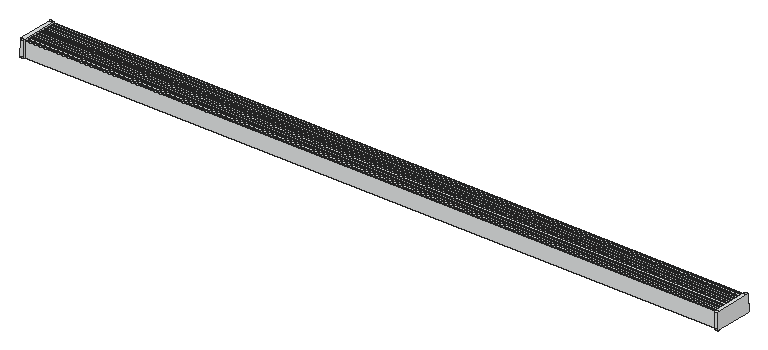
Revit family "Shower-Drain_Cover-KOHLER-Linear-K-80654_1", category Specialty Equipment, host Face, Revit 2017
Family settings
  Host = Face
  Round Connector Dimension = Use Diameter
  Part Type = Normal
  OmniClass Number = 23.31.25.00
  OmniClass Title = Toilet and Bath Specialties
  Cut with Voids When Loaded = No
  Shared = No
  Room Calculation Point = No
Parameters (values of type "SH-Bright Silver")
  Width = 48"  # constant formula
  WaterSense Certified = 1 = 0  # no
  URL = "https://www.us.kohler.com/us/"
  Type = 4
  Product Page URL = "http://www.us.kohler.com/us/catalog/productDetails.jsp?productId=80654"
  Product Name = "LINEAR"  # constant formula
  Product Documentation Link = "https://www.us.kohler.com/webassets/kpna/catalog/pdf/en/K-80654_spec_US-CA_Kohler_en.pdf"
  Model = if(Type = 1, "K-80654-2MB", if(Type = 2, "K-80654-BL", if(Type = 3, "K-80654-BNK", if(Type = 4, "K-80654-SH", "NA"))))  # "K-80654-SH"
  Material = "Aluminum"  # constant formula
  Master Format 2014 Name = "Toilet, Bath, and Laundry Accessories"  # constant formula
  Master Format 2014 = "10 28 00"  # constant formula
  Manufacturer Address = "KOHLER Co. 444 Highland Dr. Kohler, WI 53044"  # constant formula
  Manufacturer = "KOHLER Co."  # constant formula
  Length = 2 9/16"  # constant formula
  Height = 1 1/8"  # constant formula
  Finish = Kohler-Metal-SH-Bright_Silver
  Environmental Product Declaration = ""
  Description = "48 INCH LINEAR MEDIUM LINEAR DRAIN GRID"  # constant formula
  Default Elevation = 0"
  Declare Label = ""
  Date Modified = "04/13/2021"  # constant formula
  Date Created = "04/13/2021"  # constant formula
  Copyright = "Copyright KOHLER Co."  # constant formula
  Contact Us = "https://www.us.kohler.com/us/static/contact.jsp"
  Assembly Code = "C1030200"
  ADA Compliant = 1 = 0  # no
Reference planes (in)
  plane 1 "Center (Front/Back)": y = 0
  plane 2: z = 0
  plane 3 "Center (Left/Right)": x = 0
  plane 4: x = -24
  plane 5: y = 1.28125
  plane 6: y = 1.25
  plane 7: x = 24
  plane 8: y = -1.28125
  plane 9: y = -1.25
  plane 10: z = -1.125
Forms (in)
  Extrusion 1, void
    sketch origin (0, 0, 0) x (1, 0, 0) y (0, 1, 0)
      loop
        line (23.75, 1.25) -> (-23.75, 1.25) -> (-23.75, 1.295) -> (-24, 1.295) -> (-24, -1.295) -> (-23.75, -1.295) -> (-23.75, -1.25) -> (23.75, -1.25) -> (23.75, -1.295) -> (24, -1.295) -> (24, 1.295) -> (23.75, 1.295) -> (23.75, 1.25)
    from 0 to -1.15415
Dimensions and locks (in)
  "Width": plane 4 to plane 7
  "Length": plane 5 to plane 8
  plane 6 to plane 9 = 2 1/2"
  "Height": level to plane 10
  aligned and locked: plane 2 to host face
  aligned and locked: level to host face
Automatic sketch dimensions
  host sketch curve to host sketch curve = 96"  (x2)
  Extrusion 1 sketch curve to plane 4 = 0"
  plane 6 to Extrusion 1 sketch curve = 0"
  Extrusion 1 sketch curve to plane 9 = 0"
  Extrusion 1 sketch curve to plane 7 = 0"
  Extrusion 1 sketch curve to plane 4 = 1/4"  (x2)
  Extrusion 1 sketch curve to plane 7 = 1/4"  (x2)
  Extrusion 1 sketch curve to plane 8 = 0.01375"  (x2)
  Extrusion 1 sketch curve to plane 5 = 0.01375"  (x2)
Nested families (in)
  nested 1: "K-80654" at (0, 0, 0), type "K-80654"
Definition of nested family "K-80654"
  Parameters (values of type "K-80654")
    Material = none
  Reference planes (in)
    plane 1 "Center (Front/Back)": y = 0
    plane 2: z = 0
    plane 3 "Center (Left/Right)": x = 0
    plane 4: y = 1.28125
    plane 5: y = -1.28125
    plane 6: y = 1.25
    plane 7: y = -1.25
    plane 8: z = -1.125
    plane 9: x = -24
    plane 10: x = 24
  Forms (in)
    Extrusion 1, solid, material <- "Material", detail levels medium+fine
      sketch origin (0, 0, 0) x (0, 1, 0) y (0, 0, 1)
        loop
          arc (-1.255, 0) -> (-1.28328, -0.01172) -> (-1.295, -0.04) r 0.04
          line (-1.295, -0.04) -> (-1.295, -1.1)
          arc (-1.295, -1.1) -> (-1.28328, -1.12828) -> (-1.255, -1.14) r 0.04
          line (-1.255, -1.14) -> (1.255, -1.14)
          arc (1.255, -1.14) -> (1.28328, -1.12828) -> (1.295, -1.1) r 0.04
          line (1.295, -1.1) -> (1.295, -0.04)
          arc (1.295, -0.04) -> (1.28328, -0.01172) -> (1.255, 0) r 0.04
          line (1.255, 0) -> (-1.255, 0)
      from -24 to -23.75
    Extrusion 2, solid, material <- "Material", detail levels medium+fine
      sketch origin (0, 0, 0) x (0, 1, 0) y (0, 0, -1)
        loop
          line (-1.255, 0) -> (1.255, 0)
          arc (1.255, 0) -> (1.28328, 0.01172) -> (1.295, 0.04) r 0.04
          line (1.295, 0.04) -> (1.295, 1.1)
          arc (1.295, 1.1) -> (1.28328, 1.12828) -> (1.255, 1.14) r 0.04
          line (1.255, 1.14) -> (-1.255, 1.14)
          arc (-1.255, 1.14) -> (-1.28328, 1.12828) -> (-1.295, 1.1) r 0.04
          line (-1.295, 1.1) -> (-1.295, 0.04)
          arc (-1.295, 0.04) -> (-1.28328, 0.01172) -> (-1.255, 0) r 0.04
      from -24 to -23.75
    Extrusion 3, solid, material <- "Material", detail levels medium+fine
      sketch origin (0, 0, 0) x (0, 1, 0) y (0, 0, 1)
        loop
          line (0.92757, -0.175) -> (0.99243, -0.175) -> (1.01, -0.05) -> (0.91, -0.05) -> (0.92757, -0.175)
        loop
          line (1.15, -0.05) -> (1.15, -1.1) -> (1.25, -1.1) -> (1.25, -0.05) -> (1.15, -0.05)
        loop
          line (-1.15, -1.1) -> (-1.15, -0.05) -> (-1.25, -0.05) -> (-1.25, -1.1) -> (-1.15, -1.1)
        loop
          line (-0.99243, -0.175) -> (-0.92757, -0.175) -> (-0.91, -0.05) -> (-1.01, -0.05) -> (-0.99243, -0.175)
        loop
          line (-0.75243, -0.175) -> (-0.68757, -0.175) -> (-0.67, -0.05) -> (-0.77, -0.05) -> (-0.75243, -0.175)
        loop
          line (-0.51243, -0.175) -> (-0.44757, -0.175) -> (-0.43, -0.05) -> (-0.53, -0.05) -> (-0.51243, -0.175)
        loop
          line (-0.27243, -0.175) -> (-0.20757, -0.175) -> (-0.19, -0.05) -> (-0.29, -0.05) -> (-0.27243, -0.175)
        loop
          line (-0.03243, -0.175) -> (0.03243, -0.175) -> (0.05, -0.05) -> (-0.05, -0.05) -> (-0.03243, -0.175)
        loop
          line (0.20757, -0.175) -> (0.27243, -0.175) -> (0.29, -0.05) -> (0.19, -0.05) -> (0.20757, -0.175)
        loop
          line (0.44757, -0.175) -> (0.51243, -0.175) -> (0.53, -0.05) -> (0.43, -0.05) -> (0.44757, -0.175)
        loop
          line (0.68757, -0.175) -> (0.75243, -0.175) -> (0.77, -0.05) -> (0.67, -0.05) -> (0.68757, -0.175)
      from -23.75 to 23.75
    Extrusion 4, solid, material <- "Material", detail levels coarse
      sketch origin (0, 0, 0) x (1, 0, 0) y (0, 1, 0)
        loop
          line (23.75, 1.25) -> (-23.75, 1.25) -> (-23.75, 1.295) -> (-24, 1.295) -> (-24, -1.295) -> (-23.75, -1.295) -> (-23.75, -1.25) -> (23.75, -1.25) -> (23.75, -1.295) -> (24, -1.295) -> (24, 1.295) -> (23.75, 1.295) -> (23.75, 1.25)
      from -1.125 to 0
  Cuts and joins
    joined: Extrusion 1, Extrusion 2, Extrusion 3
  Lines and regions (in)
    Masking region 1
      outline origin (0, 0, 0) x (1, 0, 0) y (0, 1, 0)
        loop
          line (-23.75, -1.25) -> (23.75, -1.25) -> (23.75, -1.28125) -> (23.97857, -1.28125)
          arc (23.97857, -1.28125) -> (23.99372, -1.27497) -> (24, -1.25982) r 0.02143
          line (24, -1.25982) -> (24, 1.25982)
          arc (24, 1.25982) -> (23.99372, 1.27497) -> (23.97857, 1.28125) r 0.02143
          line (23.97857, 1.28125) -> (23.75, 1.28125) -> (23.75, 1.25) -> (-23.75, 1.25) -> (-23.75, 1.28125) -> (-23.97857, 1.28125)
          arc (-23.97857, 1.28125) -> (-23.99372, 1.27497) -> (-24, 1.25982) r 0.02143
          line (-24, 1.25982) -> (-24, -1.25982)
          arc (-24, -1.25982) -> (-23.99372, -1.27497) -> (-23.97857, -1.28125) r 0.02143
          line (-23.97857, -1.28125) -> (-23.75, -1.28125) -> (-23.75, -1.25)
    Masking region 2
      outline origin (0, 0, 0) x (1, 0, 0) y (0, 0, 1)
        loop
          line (-23.75, -1.09414) -> (23.75, -1.09414) -> (23.75, -1.125) -> (23.97948, -1.125)
          arc (23.97948, -1.125) -> (23.99399, -1.11899) -> (24, -1.10448) r 0.02052
          line (24, -1.10448) -> (24, -0.02052)
          arc (24, -0.02052) -> (23.99399, -0.00601) -> (23.97948, 0) r 0.02052
          line (23.97948, 0) -> (23.75, 0) -> (23.75, -0.05) -> (-23.75, -0.05) -> (-23.75, 0) -> (-23.97948, 0)
          arc (-23.97948, 0) -> (-23.99399, -0.00601) -> (-24, -0.02052) r 0.02052
          line (-24, -0.02052) -> (-24, -1.10448)
          arc (-24, -1.10448) -> (-23.99399, -1.11899) -> (-23.97948, -1.125) r 0.02052
          line (-23.97948, -1.125) -> (-23.75, -1.125) -> (-23.75, -1.09414)
    Masking region 3
      outline origin (0, 0, 0) x (0, 1, 0) y (0, 0, 1)
        loop
          line (1.28125, -1.08984) -> (1.28125, -0.03451)
          arc (1.28125, -0.03451) -> (1.27114, -0.01011) -> (1.24674, 0) r 0.03451
          line (1.24674, 0) -> (-1.24609, 0)
          arc (-1.24609, 0) -> (-1.27095, -0.0103) -> (-1.28125, -0.03516) r 0.03516
          line (-1.28125, -0.03516) -> (-1.28125, -1.08984)
          arc (-1.28125, -1.08984) -> (-1.27095, -1.1147) -> (-1.24609, -1.125) r 0.03516
          line (-1.24609, -1.125) -> (1.24609, -1.125)
          arc (1.24609, -1.125) -> (1.27095, -1.1147) -> (1.28125, -1.08984) r 0.03516
    symbolic lines, detail levels medium+fine
      curve 1: line (0, 1.24674, -0.01172) -> (0, -1.24609, -0.01172)
      curve 2: arc (0, -1.24609, -0.01172) -> (0, -1.26267, -0.01858) -> (0, -1.26953, -0.03516) r 0.02344
      curve 3: line (0, -1.26953, -1.08984) -> (0, -1.26953, -0.03516)
      curve 4: arc (0, -1.24609, -1.11328) -> (0, -1.26267, -1.10642) -> (0, -1.26953, -1.08984) r 0.02344
      curve 5: line (0, 1.24609, -1.11328) -> (0, -1.24609, -1.11328)
      curve 6: arc (0, 1.26953, -1.08984) -> (0, 1.26267, -1.10642) -> (0, 1.24609, -1.11328) r 0.02344
      curve 7: line (0, 1.26953, -1.08984) -> (0, 1.26953, -0.03451)
      curve 8: arc (0, 1.26953, -0.03451) -> (0, 1.26286, -0.01839) -> (0, 1.24674, -0.01172) r 0.02279
      curve 9: line (23.75, 0, -0.04) -> (23.75, 0, -1.09414)
      curve 10: line (23.97948, 0, 0) -> (23.97948, 0, -1.125)
      curve 11: line (-23.75, 0, -0.04) -> (-23.75, 0, -1.09414)
      curve 12: line (-23.97948, 0, 0) -> (-23.97948, 0, -1.125)
      curve 13: line (-23.75, 1.15, 0) -> (-23.75, -1.15, 0)
      curve 14: line (-23.75, 1.15, 0) -> (23.68588, 1.15, 0)
      curve 15: line (-23.75, 1.01, 0) -> (23.75, 1.01, 0)
      curve 16: line (23.75, 0.91, 0) -> (-23.75, 0.91, 0)
      curve 17: line (-23.75, 0.77, 0) -> (23.75, 0.77, 0)
      curve 18: line (-23.75, 0.67, 0) -> (23.75, 0.67, 0)
      curve 19: line (-23.75, 0.53, 0) -> (23.75, 0.53, 0)
      curve 20: line (-23.75, 0.43, 0) -> (23.75, 0.43, 0)
      curve 21: line (-23.75, 0.29, 0) -> (23.75, 0.29, 0)
      curve 22: line (-23.75, 0.19, 0) -> (23.75, 0.19, 0)
      curve 23: line (-23.75, 0.05, 0) -> (23.75, 0.05, 0)
      curve 24: line (-23.75, -0.05, 0) -> (23.75, -0.05, 0)
      curve 25: line (-23.75, -0.19, 0) -> (23.75, -0.19, 0)
      curve 26: line (-23.75, -0.29, 0) -> (23.75, -0.29, 0)
      curve 27: line (-23.75, -0.43, 0) -> (23.75, -0.43, 0)
      curve 28: line (-23.75, -0.53, 0) -> (23.75, -0.53, 0)
      curve 29: line (-23.75, -0.67, 0) -> (23.75, -0.67, 0)
      curve 30: line (-23.75, -0.77, 0) -> (23.75, -0.77, 0)
      curve 31: line (-23.75, -0.91, 0) -> (23.75, -0.91, 0)
      curve 32: line (-23.75, -1.01, 0) -> (23.75, -1.01, 0)
      curve 33: line (23.75, -1.15, 0) -> (-23.75, -1.15, 0)
      curve 34: line (23.75, 1.25, 0) -> (23.75, -1.25, 0)
      curve 35: line (-23.1222, 0.05, 0) -> (-23.1222, 0.19, 0)
      curve 36: arc (-23.1222, 0.83109, 0) -> (-23.13394, 0.87565, 0) -> (-23.16465, 0.91, 0) r 0.09854
      curve 37: arc (-23.22956, 1.01, 0) -> (-23.23249, 1.02893, 0) -> (-23.23324, 1.04807, 0) r 0.16707
      curve 38: line (-23.68588, 1.15, 0) -> (-23.33331, 1.15, 0)
      curve 39: arc (-23.75, 1.12647, 0) -> (-23.72003, 1.14393, 0) -> (-23.68588, 1.15, 0) r 0.09912
      curve 40: arc (-23.33331, 1.15, 0) -> (-23.26189, 1.12003, 0) -> (-23.23324, 1.04807, 0) r 0.10009
      curve 41: arc (-22.97885, 1.01, 0) -> (-23.0662, 1.13911, 0) -> (-23.15355, 1.01, 0) r 0.09411
      curve 42: line (-23.0102, 0.05, 0) -> (-23.0102, 0.19, 0)
      curve 43: arc (-23.0102, 0.83109, 0) -> (-22.99846, 0.87565, 0) -> (-22.96775, 0.91, 0) r 0.09854
      curve 44: arc (-22.90284, 1.01, 0) -> (-22.89991, 1.02893, 0) -> (-22.89916, 1.04807, 0) r 0.16707
      curve 45: line (-22.44652, 1.15, 0) -> (-22.79909, 1.15, 0)
      curve 46: line (-22.3474, 1.05088, 0) -> (-22.3474, 1.01, 0)
      curve 47: arc (-22.3474, 1.05088, 0) -> (-22.37643, 1.12097, 0) -> (-22.44652, 1.15, 0) r 0.09912
      curve 48: arc (-22.79909, 1.15, 0) -> (-22.87051, 1.12003, 0) -> (-22.89916, 1.04807, 0) r 0.10009
      curve 49: line (-22.3474, 0.91, 0) -> (-22.96775, 0.91, 0)
      curve 50: line (-23.75, 0.05, 0) -> (-23.75, 0.19, 0)
      curve 51: line (-23.75, 1.01, 0) -> (-23.22956, 1.01, 0)
      curve 52: line (-22.90284, 1.01, 0) -> (-22.3474, 1.01, 0)
      curve 53: line (-23.15355, 1.01, 0) -> (-22.97885, 1.01, 0)
      curve 54: line (-23.75, 1.01, 0) -> (-23.75, 1.25, 0)
      curve 55: line (-22.3474, 0.91, 0) -> (-22.3474, 0.77, 0)
      curve 56: line (-23.75, 0.77, 0) -> (-23.1222, 0.77, 0)
      curve 57: line (-23.16465, 0.91, 0) -> (-23.75, 0.91, 0)
      curve 58: line (-22.3474, 0.67, 0) -> (-22.3474, 0.53, 0)
      curve 59: line (-23.0102, 0.77, 0) -> (-22.3474, 0.77, 0)
      curve 60: line (-23.1222, 0.77, 0) -> (-23.1222, 0.83109, 0)
      curve 61: line (-23.0102, 0.77, 0) -> (-23.0102, 0.83109, 0)
      curve 62: line (-23.75, 0.77, 0) -> (-23.75, 0.91, 0)
      curve 63: line (-23.75, 0.67, 0) -> (-23.1222, 0.67, 0)
      curve 64: line (-23.75, 0.53, 0) -> (-23.1222, 0.53, 0)
      curve 65: line (-23.0102, 0.67, 0) -> (-22.3474, 0.67, 0)
      curve 66: line (-23.0102, 0.53, 0) -> (-22.3474, 0.53, 0)
      curve 67: line (-23.75, 0.53, 0) -> (-23.75, 0.67, 0)
      curve 68: line (-22.3474, 0.43, 0) -> (-22.3474, 0.29, 0)
      curve 69: line (-23.0102, 0.53, 0) -> (-23.0102, 0.67, 0)
      curve 70: line (-23.1222, 0.53, 0) -> (-23.1222, 0.67, 0)
      curve 71: line (-23.75, 0.43, 0) -> (-23.1222, 0.43, 0)
      curve 72: line (-23.75, 0.29, 0) -> (-23.1222, 0.29, 0)
      curve 73: line (-23.75, 0.29, 0) -> (-23.75, 0.43, 0)
      curve 74: line (-23.1222, 0.29, 0) -> (-23.1222, 0.43, 0)
      curve 75: line (-23.0102, 0.29, 0) -> (-23.0102, 0.43, 0)
      curve 76: line (-22.3474, 0.19, 0) -> (-22.3474, 0.05, 0)
      curve 77: line (-23.0102, 0.29, 0) -> (-22.3474, 0.29, 0)
      curve 78: line (-23.0102, 0.43, 0) -> (-22.3474, 0.43, 0)
      curve 79: line (-23.75, 0.19, 0) -> (-23.1222, 0.19, 0)
      curve 80: line (-23.75, 0.05, 0) -> (-23.1222, 0.05, 0)
      curve 81: line (-23.0102, 0.19, 0) -> (-22.3474, 0.19, 0)
      curve 82: line (-23.0102, 0.05, 0) -> (-22.3474, 0.05, 0)
      curve 83: line (-23.1222, -0.05, 0) -> (-23.1222, -0.19, 0)
      curve 84: arc (-23.1222, -0.83109, 0) -> (-23.13394, -0.87565, 0) -> (-23.16465, -0.91, 0) r 0.09854
      curve 85: arc (-23.22956, -1.01, 0) -> (-23.23249, -1.02893, 0) -> (-23.23324, -1.04807, 0) r 0.16707
      curve 86: line (-23.68588, -1.15, 0) -> (-23.33331, -1.15, 0)
      curve 87: arc (-23.75, -1.12647, 0) -> (-23.72003, -1.14393, 0) -> (-23.68588, -1.15, 0) r 0.09912
      curve 88: arc (-23.33331, -1.15, 0) -> (-23.26189, -1.12003, 0) -> (-23.23324, -1.04807, 0) r 0.10009
      curve 89: arc (-22.97885, -1.01, 0) -> (-23.0662, -1.13911, 0) -> (-23.15355, -1.01, 0) r 0.09411
      curve 90: line (-23.0102, -0.05, 0) -> (-23.0102, -0.19, 0)
      curve 91: arc (-23.0102, -0.83109, 0) -> (-22.99846, -0.87565, 0) -> (-22.96775, -0.91, 0) r 0.09854
      curve 92: arc (-22.90284, -1.01, 0) -> (-22.89991, -1.02893, 0) -> (-22.89916, -1.04807, 0) r 0.16707
      curve 93: line (-22.44652, -1.15, 0) -> (-22.79909, -1.15, 0)
      curve 94: line (-22.3474, -1.05088, 0) -> (-22.3474, -1.01, 0)
      curve 95: arc (-22.3474, -1.05088, 0) -> (-22.37643, -1.12097, 0) -> (-22.44652, -1.15, 0) r 0.09912
      curve 96: arc (-22.79909, -1.15, 0) -> (-22.87051, -1.12003, 0) -> (-22.89916, -1.04807, 0) r 0.10009
      curve 97: line (-22.3474, -0.91, 0) -> (-22.96775, -0.91, 0)
      curve 98: line (-23.75, -0.05, 0) -> (-23.75, -0.19, 0)
      curve 99: line (-23.75, -1.01, 0) -> (-23.22956, -1.01, 0)
      curve 100: line (-22.90284, -1.01, 0) -> (-22.3474, -1.01, 0)
      curve 101: line (-23.15355, -1.01, 0) -> (-22.97885, -1.01, 0)
      curve 102: line (-23.75, -1.01, 0) -> (-23.75, -1.25, 0)
      curve 103: line (-22.3474, -0.91, 0) -> (-22.3474, -0.77, 0)
      curve 104: line (-23.75, -0.77, 0) -> (-23.1222, -0.77, 0)
      curve 105: line (-23.16465, -0.91, 0) -> (-23.75, -0.91, 0)
      curve 106: line (-22.3474, -0.67, 0) -> (-22.3474, -0.53, 0)
      curve 107: line (-23.0102, -0.77, 0) -> (-22.3474, -0.77, 0)
      curve 108: line (-23.1222, -0.77, 0) -> (-23.1222, -0.83109, 0)
      curve 109: line (-23.0102, -0.77, 0) -> (-23.0102, -0.83109, 0)
      curve 110: line (-23.75, -0.77, 0) -> (-23.75, -0.91, 0)
      curve 111: line (-23.75, -0.67, 0) -> (-23.1222, -0.67, 0)
      curve 112: line (-23.75, -0.53, 0) -> (-23.1222, -0.53, 0)
      curve 113: line (-23.0102, -0.67, 0) -> (-22.3474, -0.67, 0)
      curve 114: line (-23.0102, -0.53, 0) -> (-22.3474, -0.53, 0)
      curve 115: line (-23.75, -0.53, 0) -> (-23.75, -0.67, 0)
      curve 116: line (-22.3474, -0.43, 0) -> (-22.3474, -0.29, 0)
      curve 117: line (-23.0102, -0.53, 0) -> (-23.0102, -0.67, 0)
      curve 118: line (-23.1222, -0.53, 0) -> (-23.1222, -0.67, 0)
      curve 119: line (-23.75, -0.43, 0) -> (-23.1222, -0.43, 0)
      curve 120: line (-23.75, -0.29, 0) -> (-23.1222, -0.29, 0)
      curve 121: line (-23.75, -0.29, 0) -> (-23.75, -0.43, 0)
      curve 122: line (-23.1222, -0.29, 0) -> (-23.1222, -0.43, 0)
      curve 123: line (-23.0102, -0.29, 0) -> (-23.0102, -0.43, 0)
      curve 124: line (-22.3474, -0.19, 0) -> (-22.3474, -0.05, 0)
      curve 125: line (-23.0102, -0.29, 0) -> (-22.3474, -0.29, 0)
      curve 126: line (-23.0102, -0.43, 0) -> (-22.3474, -0.43, 0)
      curve 127: line (-23.75, -0.19, 0) -> (-23.1222, -0.19, 0)
      curve 128: line (-23.75, -0.05, 0) -> (-23.1222, -0.05, 0)
      curve 129: line (-23.0102, -0.19, 0) -> (-22.3474, -0.19, 0)
      curve 130: line (-23.0102, -0.05, 0) -> (-22.3474, -0.05, 0)
      curve 131: line (-21.56941, 0.05, 0) -> (-21.56941, 0.19, 0)
      curve 132: arc (-21.56941, 0.83109, 0) -> (-21.58115, 0.87565, 0) -> (-21.61186, 0.91, 0) r 0.09854
      curve 133: arc (-21.67677, 1.01, 0) -> (-21.6797, 1.02893, 0) -> (-21.68045, 1.04807, 0) r 0.16707
      curve 134: line (-22.13309, 1.15, 0) -> (-21.78052, 1.15, 0)
      curve 135: arc (-22.23221, 1.05088, 0) -> (-22.20318, 1.12097, 0) -> (-22.13309, 1.15, 0) r 0.09912
      curve 136: arc (-21.78052, 1.15, 0) -> (-21.7091, 1.12003, 0) -> (-21.68045, 1.04807, 0) r 0.10009
      curve 137: arc (-21.42606, 1.01, 0) -> (-21.51341, 1.13911, 0) -> (-21.60077, 1.01, 0) r 0.09411
      curve 138: line (-21.45741, 0.05, 0) -> (-21.45741, 0.19, 0)
      curve 139: arc (-21.45741, 0.83109, 0) -> (-21.44568, 0.87565, 0) -> (-21.41496, 0.91, 0) r 0.09854
      curve 140: arc (-21.35006, 1.01, 0) -> (-21.34712, 1.02893, 0) -> (-21.34638, 1.04807, 0) r 0.16707
      curve 141: line (-20.92498, 1.15, 0) -> (-21.2463, 1.15, 0)
      curve 142: line (-20.82586, 1.05088, 0) -> (-20.82586, 1.01, 0)
      curve 143: arc (-20.82586, 1.05088, 0) -> (-20.85489, 1.12097, 0) -> (-20.92498, 1.15, 0) r 0.09912
      curve 144: arc (-21.2463, 1.15, 0) -> (-21.31773, 1.12003, 0) -> (-21.34638, 1.04807, 0) r 0.10009
      curve 145: line (-20.82586, 0.91, 0) -> (-21.41496, 0.91, 0)
      curve 146: line (-22.2336, 0.05, 0) -> (-22.2336, 0.19, 0)
      curve 147: line (-22.2336, 1.01, 0) -> (-21.67677, 1.01, 0)
      curve 148: line (-21.35006, 1.01, 0) -> (-20.82586, 1.01, 0)
      curve 149: line (-21.60077, 1.01, 0) -> (-21.42606, 1.01, 0)
      curve 150: line (-22.2336, 1.01, 0) -> (-22.2336, 1.05088, 0)
      curve 151: line (-20.82586, 0.91, 0) -> (-20.82586, 0.77, 0)
      curve 152: line (-22.2336, 0.77, 0) -> (-21.56941, 0.77, 0)
      curve 153: line (-21.61186, 0.91, 0) -> (-22.2336, 0.91, 0)
      curve 154: line (-20.82586, 0.67, 0) -> (-20.82586, 0.53, 0)
      curve 155: line (-21.45741, 0.77, 0) -> (-20.82586, 0.77, 0)
      curve 156: line (-21.56941, 0.77, 0) -> (-21.56941, 0.83109, 0)
      curve 157: line (-21.45741, 0.77, 0) -> (-21.45741, 0.83109, 0)
      curve 158: line (-22.2336, 0.77, 0) -> (-22.2336, 0.91, 0)
      curve 159: line (-22.2336, 0.67, 0) -> (-21.56941, 0.67, 0)
      curve 160: line (-22.2336, 0.53, 0) -> (-21.56941, 0.53, 0)
      curve 161: line (-21.45741, 0.67, 0) -> (-20.82586, 0.67, 0)
      curve 162: line (-21.45741, 0.53, 0) -> (-20.82586, 0.53, 0)
      curve 163: line (-22.2336, 0.53, 0) -> (-22.2336, 0.67, 0)
      curve 164: line (-20.82586, 0.43, 0) -> (-20.82586, 0.29, 0)
      curve 165: line (-21.45741, 0.53, 0) -> (-21.45741, 0.67, 0)
      curve 166: line (-21.56941, 0.53, 0) -> (-21.56941, 0.67, 0)
      curve 167: line (-22.2336, 0.43, 0) -> (-21.56941, 0.43, 0)
      curve 168: line (-22.2336, 0.29, 0) -> (-21.56941, 0.29, 0)
      curve 169: line (-22.2336, 0.29, 0) -> (-22.2336, 0.43, 0)
      curve 170: line (-21.56941, 0.29, 0) -> (-21.56941, 0.43, 0)
      curve 171: line (-21.45741, 0.29, 0) -> (-21.45741, 0.43, 0)
      curve 172: line (-20.82586, 0.19, 0) -> (-20.82586, 0.05, 0)
      curve 173: line (-21.45741, 0.29, 0) -> (-20.82586, 0.29, 0)
      curve 174: line (-21.45741, 0.43, 0) -> (-20.82586, 0.43, 0)
      curve 175: line (-22.2336, 0.19, 0) -> (-21.56941, 0.19, 0)
      curve 176: line (-22.2336, 0.05, 0) -> (-21.56941, 0.05, 0)
      curve 177: line (-21.45741, 0.19, 0) -> (-20.82586, 0.19, 0)
      curve 178: line (-21.45741, 0.05, 0) -> (-20.82586, 0.05, 0)
      curve 179: line (-21.56941, -0.05, 0) -> (-21.56941, -0.19, 0)
      curve 180: arc (-21.56941, -0.83109, 0) -> (-21.58115, -0.87565, 0) -> (-21.61186, -0.91, 0) r 0.09854
      curve 181: arc (-21.67677, -1.01, 0) -> (-21.6797, -1.02893, 0) -> (-21.68045, -1.04807, 0) r 0.16707
      curve 182: line (-22.13309, -1.15, 0) -> (-21.78052, -1.15, 0)
      curve 183: arc (-22.23221, -1.05088, 0) -> (-22.20318, -1.12097, 0) -> (-22.13309, -1.15, 0) r 0.09912
      curve 184: arc (-21.78052, -1.15, 0) -> (-21.7091, -1.12003, 0) -> (-21.68045, -1.04807, 0) r 0.10009
      curve 185: arc (-21.42606, -1.01, 0) -> (-21.51341, -1.13911, 0) -> (-21.60077, -1.01, 0) r 0.09411
      curve 186: line (-21.45741, -0.05, 0) -> (-21.45741, -0.19, 0)
      curve 187: arc (-21.45741, -0.83109, 0) -> (-21.44568, -0.87565, 0) -> (-21.41496, -0.91, 0) r 0.09854
      curve 188: arc (-21.35006, -1.01, 0) -> (-21.34712, -1.02893, 0) -> (-21.34638, -1.04807, 0) r 0.16707
      curve 189: line (-20.92498, -1.15, 0) -> (-21.2463, -1.15, 0)
      curve 190: line (-20.82586, -1.05088, 0) -> (-20.82586, -1.01, 0)
      curve 191: arc (-20.82586, -1.05088, 0) -> (-20.85489, -1.12097, 0) -> (-20.92498, -1.15, 0) r 0.09912
      curve 192: arc (-21.2463, -1.15, 0) -> (-21.31773, -1.12003, 0) -> (-21.34638, -1.04807, 0) r 0.10009
      curve 193: line (-20.82586, -0.91, 0) -> (-21.41496, -0.91, 0)
      curve 194: line (-22.2336, -0.05, 0) -> (-22.2336, -0.19, 0)
      curve 195: line (-22.2336, -1.01, 0) -> (-21.67677, -1.01, 0)
      curve 196: line (-21.35006, -1.01, 0) -> (-20.82586, -1.01, 0)
      curve 197: line (-21.60077, -1.01, 0) -> (-21.42606, -1.01, 0)
      curve 198: line (-22.2336, -1.01, 0) -> (-22.2336, -1.05088, 0)
      curve 199: line (-20.82586, -0.91, 0) -> (-20.82586, -0.77, 0)
      curve 200: line (-22.2336, -0.77, 0) -> (-21.56941, -0.77, 0)
      curve 201: line (-21.61186, -0.91, 0) -> (-22.2336, -0.91, 0)
      curve 202: line (-20.82586, -0.67, 0) -> (-20.82586, -0.53, 0)
      curve 203: line (-21.45741, -0.77, 0) -> (-20.82586, -0.77, 0)
      curve 204: line (-21.56941, -0.77, 0) -> (-21.56941, -0.83109, 0)
      curve 205: line (-21.45741, -0.77, 0) -> (-21.45741, -0.83109, 0)
      curve 206: line (-22.2336, -0.77, 0) -> (-22.2336, -0.91, 0)
      curve 207: line (-22.2336, -0.67, 0) -> (-21.56941, -0.67, 0)
      curve 208: line (-22.2336, -0.53, 0) -> (-21.56941, -0.53, 0)
      curve 209: line (-21.45741, -0.67, 0) -> (-20.82586, -0.67, 0)
      curve 210: line (-21.45741, -0.53, 0) -> (-20.82586, -0.53, 0)
      curve 211: line (-22.2336, -0.53, 0) -> (-22.2336, -0.67, 0)
      curve 212: line (-20.82586, -0.43, 0) -> (-20.82586, -0.29, 0)
      curve 213: line (-21.45741, -0.53, 0) -> (-21.45741, -0.67, 0)
      curve 214: line (-21.56941, -0.53, 0) -> (-21.56941, -0.67, 0)
      curve 215: line (-22.2336, -0.43, 0) -> (-21.56941, -0.43, 0)
      curve 216: line (-22.2336, -0.29, 0) -> (-21.56941, -0.29, 0)
      curve 217: line (-22.2336, -0.29, 0) -> (-22.2336, -0.43, 0)
      curve 218: line (-21.56941, -0.29, 0) -> (-21.56941, -0.43, 0)
      curve 219: line (-21.45741, -0.29, 0) -> (-21.45741, -0.43, 0)
      curve 220: line (-20.82586, -0.19, 0) -> (-20.82586, -0.05, 0)
      curve 221: line (-21.45741, -0.29, 0) -> (-20.82586, -0.29, 0)
      curve 222: line (-21.45741, -0.43, 0) -> (-20.82586, -0.43, 0)
      curve 223: line (-22.2336, -0.19, 0) -> (-21.56941, -0.19, 0)
      curve 224: line (-22.2336, -0.05, 0) -> (-21.56941, -0.05, 0)
      curve 225: line (-21.45741, -0.19, 0) -> (-20.82586, -0.19, 0)
      curve 226: line (-21.45741, -0.05, 0) -> (-20.82586, -0.05, 0)
      curve 227: line (-20.70741, 0.05, 0) -> (-20.70741, 0.19, 0)
      curve 228: line (-20.15155, 1.15, 0) -> (-20.61065, 1.15, 0)
      curve 229: line (-20.05243, 1.05088, 0) -> (-20.05243, 1.01, 0)
      curve 230: arc (-20.05243, 1.05088, 0) -> (-20.08146, 1.12097, 0) -> (-20.15155, 1.15, 0) r 0.09912
      curve 231: line (-20.05243, 0.91, 0) -> (-20.70741, 0.91, 0)
      curve 232: line (-20.70741, 1.01, 0) -> (-20.05243, 1.01, 0)
      curve 233: line (-20.05243, 0.91, 0) -> (-20.05243, 0.77, 0)
      curve 234: line (-20.05243, 0.67, 0) -> (-20.05243, 0.53, 0)
      curve 235: line (-20.70741, 0.77, 0) -> (-20.05243, 0.77, 0)
      curve 236: line (-20.70741, 0.77, 0) -> (-20.70741, 0.91, 0)
      curve 237: line (-20.70741, 0.67, 0) -> (-20.05243, 0.67, 0)
      curve 238: line (-20.70741, 0.53, 0) -> (-20.05243, 0.53, 0)
      curve 239: line (-20.05243, 0.43, 0) -> (-20.05243, 0.29, 0)
      curve 240: line (-20.70741, 0.53, 0) -> (-20.70741, 0.67, 0)
      curve 241: line (-20.70741, 0.29, 0) -> (-20.70741, 0.43, 0)
      curve 242: line (-20.05243, 0.19, 0) -> (-20.05243, 0.05, 0)
      curve 243: line (-20.70741, 0.29, 0) -> (-20.05243, 0.29, 0)
      curve 244: line (-20.70741, 0.43, 0) -> (-20.05243, 0.43, 0)
      curve 245: line (-20.70741, 0.19, 0) -> (-20.05243, 0.19, 0)
      curve 246: line (-20.70741, 0.05, 0) -> (-20.05243, 0.05, 0)
      curve 247: line (-20.70741, -0.05, 0) -> (-20.70741, -0.19, 0)
      curve 248: line (-20.15155, -1.15, 0) -> (-20.60914, -1.15, 0)
      curve 249: line (-20.05243, -1.05088, 0) -> (-20.05243, -1.01, 0)
      curve 250: arc (-20.05243, -1.05088, 0) -> (-20.08146, -1.12097, 0) -> (-20.15155, -1.15, 0) r 0.09912
      curve 251: line (-20.05243, -0.91, 0) -> (-20.70741, -0.91, 0)
      curve 252: line (-20.70741, -1.01, 0) -> (-20.05243, -1.01, 0)
      curve 253: line (-20.05243, -0.91, 0) -> (-20.05243, -0.77, 0)
      curve 254: line (-20.05243, -0.67, 0) -> (-20.05243, -0.53, 0)
      curve 255: line (-20.70741, -0.77, 0) -> (-20.05243, -0.77, 0)
      curve 256: line (-20.70741, -0.77, 0) -> (-20.70741, -0.91, 0)
      curve 257: line (-20.70741, -0.67, 0) -> (-20.05243, -0.67, 0)
      curve 258: line (-20.70741, -0.53, 0) -> (-20.05243, -0.53, 0)
      curve 259: line (-20.05243, -0.43, 0) -> (-20.05243, -0.29, 0)
      curve 260: line (-20.70741, -0.53, 0) -> (-20.70741, -0.67, 0)
      curve 261: line (-20.70741, -0.29, 0) -> (-20.70741, -0.43, 0)
      curve 262: line (-20.05243, -0.19, 0) -> (-20.05243, -0.05, 0)
      curve 263: line (-20.70741, -0.29, 0) -> (-20.05243, -0.29, 0)
      curve 264: line (-20.70741, -0.43, 0) -> (-20.05243, -0.43, 0)
      curve 265: line (-20.70741, -0.19, 0) -> (-20.05243, -0.19, 0)
      curve 266: line (-20.70741, -0.05, 0) -> (-20.05243, -0.05, 0)
      curve 267: line (-20.70741, -1.01, 0) -> (-20.70741, -1.05173, 0)
      curve 268: arc (-20.70741, -1.05173, 0) -> (-20.67863, -1.12122, 0) -> (-20.60914, -1.15, 0) r 0.09827
      curve 269: line (-20.70741, 1.01, 0) -> (-20.70741, 1.05324, 0)
      curve 270: arc (-20.70741, 1.05324, 0) -> (-20.67907, 1.12166, 0) -> (-20.61065, 1.15, 0) r 0.09676
      curve 271: line (-19.27438, 0.05, 0) -> (-19.27438, 0.19, 0)
      curve 272: arc (-19.27438, 0.83109, 0) -> (-19.28612, 0.87565, 0) -> (-19.31683, 0.91, 0) r 0.09854
      curve 273: arc (-19.38174, 1.01, 0) -> (-19.38467, 1.02893, 0) -> (-19.38542, 1.04807, 0) r 0.16707
      curve 274: line (-19.83806, 1.15, 0) -> (-19.48549, 1.15, 0)
      curve 275: arc (-19.93718, 1.05088, 0) -> (-19.90815, 1.12097, 0) -> (-19.83806, 1.15, 0) r 0.09912
      curve 276: arc (-19.48549, 1.15, 0) -> (-19.41407, 1.12003, 0) -> (-19.38542, 1.04807, 0) r 0.10009
      curve 277: arc (-19.13103, 1.01, 0) -> (-19.21838, 1.13911, 0) -> (-19.30574, 1.01, 0) r 0.09411
      curve 278: line (-19.16238, 0.05, 0) -> (-19.16238, 0.19, 0)
      curve 279: arc (-19.16238, 0.83109, 0) -> (-19.15065, 0.87565, 0) -> (-19.11994, 0.91, 0) r 0.09854
      curve 280: arc (-19.05503, 1.01, 0) -> (-19.05209, 1.02893, 0) -> (-19.05135, 1.04807, 0) r 0.16707
      curve 281: line (-18.62995, 1.15, 0) -> (-18.95127, 1.15, 0)
      curve 282: line (-18.53083, 1.05088, 0) -> (-18.53083, 1.01, 0)
      curve 283: arc (-18.53083, 1.05088, 0) -> (-18.55987, 1.12097, 0) -> (-18.62995, 1.15, 0) r 0.09912
      curve 284: arc (-18.95127, 1.15, 0) -> (-19.0227, 1.12003, 0) -> (-19.05135, 1.04807, 0) r 0.10009
      curve 285: line (-18.53083, 0.91, 0) -> (-19.11994, 0.91, 0)
      curve 286: line (-19.93857, 0.05, 0) -> (-19.93857, 0.19, 0)
      curve 287: line (-19.93857, 1.01, 0) -> (-19.38174, 1.01, 0)
      curve 288: line (-19.05503, 1.01, 0) -> (-18.53083, 1.01, 0)
      curve 289: line (-19.30574, 1.01, 0) -> (-19.13103, 1.01, 0)
      curve 290: line (-19.93857, 1.01, 0) -> (-19.93857, 1.05088, 0)
      curve 291: line (-18.53083, 0.91, 0) -> (-18.53083, 0.77, 0)
      curve 292: line (-19.93857, 0.77, 0) -> (-19.27438, 0.77, 0)
      curve 293: line (-19.31683, 0.91, 0) -> (-19.93857, 0.91, 0)
      curve 294: line (-18.53083, 0.67, 0) -> (-18.53083, 0.53, 0)
      curve 295: line (-19.16238, 0.77, 0) -> (-18.53083, 0.77, 0)
      curve 296: line (-19.27438, 0.77, 0) -> (-19.27438, 0.83109, 0)
      curve 297: line (-19.16238, 0.77, 0) -> (-19.16238, 0.83109, 0)
      curve 298: line (-19.93857, 0.77, 0) -> (-19.93857, 0.91, 0)
      curve 299: line (-19.93857, 0.67, 0) -> (-19.27438, 0.67, 0)
      curve 300: line (-19.93857, 0.53, 0) -> (-19.27438, 0.53, 0)
      curve 301: line (-19.16238, 0.67, 0) -> (-18.53083, 0.67, 0)
      curve 302: line (-19.16238, 0.53, 0) -> (-18.53083, 0.53, 0)
      curve 303: line (-19.93857, 0.53, 0) -> (-19.93857, 0.67, 0)
      curve 304: line (-18.53083, 0.43, 0) -> (-18.53083, 0.29, 0)
      curve 305: line (-19.16238, 0.53, 0) -> (-19.16238, 0.67, 0)
      curve 306: line (-19.27438, 0.53, 0) -> (-19.27438, 0.67, 0)
      curve 307: line (-19.93857, 0.43, 0) -> (-19.27438, 0.43, 0)
      curve 308: line (-19.93857, 0.29, 0) -> (-19.27438, 0.29, 0)
      curve 309: line (-19.93857, 0.29, 0) -> (-19.93857, 0.43, 0)
      curve 310: line (-19.27438, 0.29, 0) -> (-19.27438, 0.43, 0)
      curve 311: line (-19.16238, 0.29, 0) -> (-19.16238, 0.43, 0)
      curve 312: line (-18.53083, 0.19, 0) -> (-18.53083, 0.05, 0)
      curve 313: line (-19.16238, 0.29, 0) -> (-18.53083, 0.29, 0)
      curve 314: line (-19.16238, 0.43, 0) -> (-18.53083, 0.43, 0)
      curve 315: line (-19.93857, 0.19, 0) -> (-19.27438, 0.19, 0)
      curve 316: line (-19.93857, 0.05, 0) -> (-19.27438, 0.05, 0)
      curve 317: line (-19.16238, 0.19, 0) -> (-18.53083, 0.19, 0)
      curve 318: line (-19.16238, 0.05, 0) -> (-18.53083, 0.05, 0)
      curve 319: line (-19.27438, -0.05, 0) -> (-19.27438, -0.19, 0)
      curve 320: arc (-19.27438, -0.83109, 0) -> (-19.28612, -0.87565, 0) -> (-19.31683, -0.91, 0) r 0.09854
      curve 321: arc (-19.38174, -1.01, 0) -> (-19.38467, -1.02893, 0) -> (-19.38542, -1.04807, 0) r 0.16707
      curve 322: line (-19.83806, -1.15, 0) -> (-19.48549, -1.15, 0)
      curve 323: arc (-19.93718, -1.05088, 0) -> (-19.90815, -1.12097, 0) -> (-19.83806, -1.15, 0) r 0.09912
      curve 324: arc (-19.48549, -1.15, 0) -> (-19.41407, -1.12003, 0) -> (-19.38542, -1.04807, 0) r 0.10009
      curve 325: arc (-19.13103, -1.01, 0) -> (-19.21838, -1.13911, 0) -> (-19.30574, -1.01, 0) r 0.09411
      curve 326: line (-19.16238, -0.05, 0) -> (-19.16238, -0.19, 0)
      curve 327: arc (-19.16238, -0.83109, 0) -> (-19.15065, -0.87565, 0) -> (-19.11994, -0.91, 0) r 0.09854
      curve 328: arc (-19.05503, -1.01, 0) -> (-19.05209, -1.02893, 0) -> (-19.05135, -1.04807, 0) r 0.16707
      curve 329: line (-18.62995, -1.15, 0) -> (-18.95127, -1.15, 0)
      curve 330: line (-18.53083, -1.05088, 0) -> (-18.53083, -1.01, 0)
      curve 331: arc (-18.53083, -1.05088, 0) -> (-18.55987, -1.12097, 0) -> (-18.62995, -1.15, 0) r 0.09912
      curve 332: arc (-18.95127, -1.15, 0) -> (-19.0227, -1.12003, 0) -> (-19.05135, -1.04807, 0) r 0.10009
      curve 333: line (-18.53083, -0.91, 0) -> (-19.11994, -0.91, 0)
      curve 334: line (-19.93857, -0.05, 0) -> (-19.93857, -0.19, 0)
      curve 335: line (-19.93857, -1.01, 0) -> (-19.38174, -1.01, 0)
      curve 336: line (-19.05503, -1.01, 0) -> (-18.53083, -1.01, 0)
      curve 337: line (-19.30574, -1.01, 0) -> (-19.13103, -1.01, 0)
      curve 338: line (-19.93857, -1.01, 0) -> (-19.93857, -1.05088, 0)
      curve 339: line (-18.53083, -0.91, 0) -> (-18.53083, -0.77, 0)
      curve 340: line (-19.93857, -0.77, 0) -> (-19.27438, -0.77, 0)
      curve 341: line (-19.31683, -0.91, 0) -> (-19.93857, -0.91, 0)
      curve 342: line (-18.53083, -0.67, 0) -> (-18.53083, -0.53, 0)
      curve 343: line (-19.16238, -0.77, 0) -> (-18.53083, -0.77, 0)
      curve 344: line (-19.27438, -0.77, 0) -> (-19.27438, -0.83109, 0)
      curve 345: line (-19.16238, -0.77, 0) -> (-19.16238, -0.83109, 0)
      curve 346: line (-19.93857, -0.77, 0) -> (-19.93857, -0.91, 0)
      curve 347: line (-19.93857, -0.67, 0) -> (-19.27438, -0.67, 0)
      curve 348: line (-19.93857, -0.53, 0) -> (-19.27438, -0.53, 0)
      curve 349: line (-19.16238, -0.67, 0) -> (-18.53083, -0.67, 0)
      curve 350: line (-19.16238, -0.53, 0) -> (-18.53083, -0.53, 0)
      curve 351: line (-19.93857, -0.53, 0) -> (-19.93857, -0.67, 0)
      curve 352: line (-18.53083, -0.43, 0) -> (-18.53083, -0.29, 0)
      curve 353: line (-19.16238, -0.53, 0) -> (-19.16238, -0.67, 0)
      curve 354: line (-19.27438, -0.53, 0) -> (-19.27438, -0.67, 0)
      curve 355: line (-19.93857, -0.43, 0) -> (-19.27438, -0.43, 0)
      curve 356: line (-19.93857, -0.29, 0) -> (-19.27438, -0.29, 0)
      curve 357: line (-19.93857, -0.29, 0) -> (-19.93857, -0.43, 0)
      curve 358: line (-19.27438, -0.29, 0) -> (-19.27438, -0.43, 0)
      curve 359: line (-19.16238, -0.29, 0) -> (-19.16238, -0.43, 0)
      curve 360: line (-18.53083, -0.19, 0) -> (-18.53083, -0.05, 0)
      curve 361: line (-19.16238, -0.29, 0) -> (-18.53083, -0.29, 0)
      curve 362: line (-19.28083, -0.43, 0) -> (-18.53083, -0.43, 0)
      curve 363: line (-19.93857, -0.19, 0) -> (-19.27438, -0.19, 0)
      curve 364: line (-19.93857, -0.05, 0) -> (-19.27438, -0.05, 0)
      curve 365: line (-19.16238, -0.19, 0) -> (-18.53083, -0.19, 0)
      curve 366: line (-19.16238, -0.05, 0) -> (-18.53083, -0.05, 0)
      curve 367: line (-18.40067, 0.05, 0) -> (-18.40067, 0.19, 0)
      curve 368: line (-17.8448, 1.15, 0) -> (-18.3039, 1.15, 0)
      curve 369: line (-17.74568, 1.05088, 0) -> (-17.74568, 1.01, 0)
      curve 370: arc (-17.74568, 1.05088, 0) -> (-17.77471, 1.12097, 0) -> (-17.8448, 1.15, 0) r 0.09912
      curve 371: line (-17.74568, 0.91, 0) -> (-18.40067, 0.91, 0)
      curve 372: line (-18.40067, 1.01, 0) -> (-17.74568, 1.01, 0)
      curve 373: line (-17.74568, 0.91, 0) -> (-17.74568, 0.77, 0)
      curve 374: line (-17.74568, 0.67, 0) -> (-17.74568, 0.53, 0)
      curve 375: line (-18.40067, 0.77, 0) -> (-17.74568, 0.77, 0)
      curve 376: line (-18.40067, 0.77, 0) -> (-18.40067, 0.91, 0)
      curve 377: line (-18.40067, 0.67, 0) -> (-17.74568, 0.67, 0)
      curve 378: line (-18.40067, 0.53, 0) -> (-17.74568, 0.53, 0)
      curve 379: line (-17.74568, 0.43, 0) -> (-17.74568, 0.29, 0)
      curve 380: line (-18.40067, 0.53, 0) -> (-18.40067, 0.67, 0)
      curve 381: line (-18.40067, 0.29, 0) -> (-18.40067, 0.43, 0)
      curve 382: line (-17.74568, 0.19, 0) -> (-17.74568, 0.05, 0)
      curve 383: line (-18.40067, 0.29, 0) -> (-17.74568, 0.29, 0)
      curve 384: line (-18.40067, 0.43, 0) -> (-17.74568, 0.43, 0)
      curve 385: line (-18.40067, 0.19, 0) -> (-17.74568, 0.19, 0)
      curve 386: line (-18.40067, 0.05, 0) -> (-17.74568, 0.05, 0)
      curve 387: line (-18.40067, -0.05, 0) -> (-18.40067, -0.19, 0)
      curve 388: line (-17.8448, -1.15, 0) -> (-18.30239, -1.15, 0)
      curve 389: line (-17.74568, -1.05088, 0) -> (-17.74568, -1.01, 0)
      curve 390: arc (-17.74568, -1.05088, 0) -> (-17.77471, -1.12097, 0) -> (-17.8448, -1.15, 0) r 0.09912
      curve 391: line (-17.74568, -0.91, 0) -> (-18.40067, -0.91, 0)
      curve 392: line (-18.40067, -1.01, 0) -> (-17.74568, -1.01, 0)
      curve 393: line (-17.74568, -0.91, 0) -> (-17.74568, -0.77, 0)
      curve 394: line (-17.74568, -0.67, 0) -> (-17.74568, -0.53, 0)
      curve 395: line (-18.40067, -0.77, 0) -> (-17.74568, -0.77, 0)
      curve 396: line (-18.40067, -0.77, 0) -> (-18.40067, -0.91, 0)
      curve 397: line (-18.40067, -0.67, 0) -> (-17.74568, -0.67, 0)
      curve 398: line (-18.40067, -0.53, 0) -> (-17.74568, -0.53, 0)
      curve 399: line (-17.74568, -0.43, 0) -> (-17.74568, -0.29, 0)
      curve 400: line (-18.40067, -0.53, 0) -> (-18.40067, -0.67, 0)
      curve 401: line (-18.40067, -0.29, 0) -> (-18.40067, -0.43, 0)
      curve 402: line (-17.74568, -0.19, 0) -> (-17.74568, -0.05, 0)
      curve 403: line (-18.40067, -0.29, 0) -> (-17.74568, -0.29, 0)
      curve 404: line (-18.40067, -0.43, 0) -> (-17.74568, -0.43, 0)
      curve 405: line (-18.40067, -0.19, 0) -> (-17.74568, -0.19, 0)
      curve 406: line (-18.40067, -0.05, 0) -> (-17.74568, -0.05, 0)
      curve 407: line (-18.40067, -1.01, 0) -> (-18.40067, -1.05173, 0)
      curve 408: arc (-18.40067, -1.05173, 0) -> (-18.37188, -1.12122, 0) -> (-18.30239, -1.15, 0) r 0.09827
      curve 409: line (-18.40067, 1.01, 0) -> (-18.40067, 1.05324, 0)
      curve 410: arc (-18.40067, 1.05324, 0) -> (-18.37232, 1.12166, 0) -> (-18.3039, 1.15, 0) r 0.09676
      curve 411: line (-17.63201, 0.05, 0) -> (-17.63201, 0.19, 0)
      curve 412: line (-17.07614, 1.15, 0) -> (-17.53525, 1.15, 0)
      curve 413: line (-16.97702, 1.05088, 0) -> (-16.97702, 1.01, 0)
      curve 414: arc (-16.97702, 1.05088, 0) -> (-17.00605, 1.12097, 0) -> (-17.07614, 1.15, 0) r 0.09912
      curve 415: line (-16.97702, 0.91, 0) -> (-17.63201, 0.91, 0)
      curve 416: line (-17.63201, 1.01, 0) -> (-16.97702, 1.01, 0)
      curve 417: line (-16.97702, 0.91, 0) -> (-16.97702, 0.77, 0)
      curve 418: line (-16.97702, 0.67, 0) -> (-16.97702, 0.53, 0)
      curve 419: line (-17.63201, 0.77, 0) -> (-16.97702, 0.77, 0)
      curve 420: line (-17.63201, 0.77, 0) -> (-17.63201, 0.91, 0)
      curve 421: line (-17.63201, 0.67, 0) -> (-16.97702, 0.67, 0)
      curve 422: line (-17.63201, 0.53, 0) -> (-16.97702, 0.53, 0)
      curve 423: line (-16.97702, 0.43, 0) -> (-16.97702, 0.29, 0)
      curve 424: line (-17.63201, 0.53, 0) -> (-17.63201, 0.67, 0)
      curve 425: line (-17.63201, 0.29, 0) -> (-17.63201, 0.43, 0)
      curve 426: line (-16.97702, 0.19, 0) -> (-16.97702, 0.05, 0)
      curve 427: line (-17.63201, 0.29, 0) -> (-16.97702, 0.29, 0)
      curve 428: line (-17.63201, 0.43, 0) -> (-16.97702, 0.43, 0)
      curve 429: line (-17.63201, 0.19, 0) -> (-16.97702, 0.19, 0)
      curve 430: line (-17.63201, 0.05, 0) -> (-16.97702, 0.05, 0)
      curve 431: line (-17.63201, -0.05, 0) -> (-17.63201, -0.19, 0)
      curve 432: line (-17.07614, -1.15, 0) -> (-17.53374, -1.15, 0)
      curve 433: line (-16.97702, -1.05088, 0) -> (-16.97702, -1.01, 0)
      curve 434: arc (-16.97702, -1.05088, 0) -> (-17.00605, -1.12097, 0) -> (-17.07614, -1.15, 0) r 0.09912
      curve 435: line (-16.97702, -0.91, 0) -> (-17.63201, -0.91, 0)
      curve 436: line (-17.63201, -1.01, 0) -> (-16.97702, -1.01, 0)
      curve 437: line (-16.97702, -0.91, 0) -> (-16.97702, -0.77, 0)
      curve 438: line (-16.97702, -0.67, 0) -> (-16.97702, -0.53, 0)
      curve 439: line (-17.63201, -0.77, 0) -> (-16.97702, -0.77, 0)
      curve 440: line (-17.63201, -0.77, 0) -> (-17.63201, -0.91, 0)
      curve 441: line (-17.63201, -0.67, 0) -> (-16.97702, -0.67, 0)
      curve 442: line (-17.63201, -0.53, 0) -> (-16.97702, -0.53, 0)
      curve 443: line (-16.97702, -0.43, 0) -> (-16.97702, -0.29, 0)
      curve 444: line (-17.63201, -0.53, 0) -> (-17.63201, -0.67, 0)
      curve 445: line (-17.63201, -0.29, 0) -> (-17.63201, -0.43, 0)
      curve 446: line (-16.97702, -0.19, 0) -> (-16.97702, -0.05, 0)
      curve 447: line (-17.63201, -0.29, 0) -> (-16.97702, -0.29, 0)
      curve 448: line (-17.63201, -0.43, 0) -> (-16.97702, -0.43, 0)
      curve 449: line (-17.63201, -0.19, 0) -> (-16.97702, -0.19, 0)
      curve 450: line (-17.63201, -0.05, 0) -> (-16.97702, -0.05, 0)
      curve 451: line (-17.63201, -1.01, 0) -> (-17.63201, -1.05173, 0)
      curve 452: arc (-17.63201, -1.05173, 0) -> (-17.60323, -1.12122, 0) -> (-17.53374, -1.15, 0) r 0.09827
      curve 453: line (-17.63201, 1.01, 0) -> (-17.63201, 1.05324, 0)
      curve 454: arc (-17.63201, 1.05324, 0) -> (-17.60367, 1.12166, 0) -> (-17.53525, 1.15, 0) r 0.09676
      curve 455: line (-16.86316, 0.05, 0) -> (-16.86316, 0.19, 0)
      curve 456: line (-16.30729, 1.15, 0) -> (-16.7664, 1.15, 0)
      curve 457: line (-16.20817, 1.05088, 0) -> (-16.20817, 1.01, 0)
      curve 458: arc (-16.20817, 1.05088, 0) -> (-16.23721, 1.12097, 0) -> (-16.30729, 1.15, 0) r 0.09912
      curve 459: line (-16.20817, 0.91, 0) -> (-16.86316, 0.91, 0)
      curve 460: line (-16.86316, 1.01, 0) -> (-16.20817, 1.01, 0)
      curve 461: line (-16.20817, 0.91, 0) -> (-16.20817, 0.77, 0)
      curve 462: line (-16.20817, 0.67, 0) -> (-16.20817, 0.53, 0)
      curve 463: line (-16.86316, 0.77, 0) -> (-16.20817, 0.77, 0)
      curve 464: line (-16.86316, 0.77, 0) -> (-16.86316, 0.91, 0)
      curve 465: line (-16.86316, 0.67, 0) -> (-16.20817, 0.67, 0)
      curve 466: line (-16.86316, 0.53, 0) -> (-16.20817, 0.53, 0)
      curve 467: line (-16.20817, 0.43, 0) -> (-16.20817, 0.29, 0)
      curve 468: line (-16.86316, 0.53, 0) -> (-16.86316, 0.67, 0)
      curve 469: line (-16.86316, 0.29, 0) -> (-16.86316, 0.43, 0)
      curve 470: line (-16.20817, 0.19, 0) -> (-16.20817, 0.05, 0)
      curve 471: line (-16.86316, 0.29, 0) -> (-16.20817, 0.29, 0)
      curve 472: line (-16.86316, 0.43, 0) -> (-16.20817, 0.43, 0)
      curve 473: line (-16.86316, 0.19, 0) -> (-16.20817, 0.19, 0)
      curve 474: line (-16.86316, 0.05, 0) -> (-16.20817, 0.05, 0)
      curve 475: line (-16.86316, -0.05, 0) -> (-16.86316, -0.19, 0)
      curve 476: line (-16.30729, -1.15, 0) -> (-16.76489, -1.15, 0)
      curve 477: line (-16.20817, -1.05088, 0) -> (-16.20817, -1.01, 0)
      curve 478: arc (-16.20817, -1.05088, 0) -> (-16.23721, -1.12097, 0) -> (-16.30729, -1.15, 0) r 0.09912
      curve 479: line (-16.20817, -0.91, 0) -> (-16.86316, -0.91, 0)
      curve 480: line (-16.86316, -1.01, 0) -> (-16.20817, -1.01, 0)
      curve 481: line (-16.20817, -0.91, 0) -> (-16.20817, -0.77, 0)
      curve 482: line (-16.20817, -0.67, 0) -> (-16.20817, -0.53, 0)
      curve 483: line (-16.86316, -0.77, 0) -> (-16.20817, -0.77, 0)
      curve 484: line (-16.86316, -0.77, 0) -> (-16.86316, -0.91, 0)
      curve 485: line (-16.86316, -0.67, 0) -> (-16.20817, -0.67, 0)
      curve 486: line (-16.86316, -0.53, 0) -> (-16.20817, -0.53, 0)
      curve 487: line (-16.20817, -0.43, 0) -> (-16.20817, -0.29, 0)
      curve 488: line (-16.86316, -0.53, 0) -> (-16.86316, -0.67, 0)
      curve 489: line (-16.86316, -0.29, 0) -> (-16.86316, -0.43, 0)
      curve 490: line (-16.20817, -0.19, 0) -> (-16.20817, -0.05, 0)
      curve 491: line (-16.86316, -0.29, 0) -> (-16.20817, -0.29, 0)
      curve 492: line (-16.86316, -0.43, 0) -> (-16.20817, -0.43, 0)
      curve 493: line (-16.86316, -0.19, 0) -> (-16.20817, -0.19, 0)
      curve 494: line (-16.86316, -0.05, 0) -> (-16.20817, -0.05, 0)
      curve 495: line (-16.86316, -1.01, 0) -> (-16.86316, -1.05173, 0)
      curve 496: arc (-16.86316, -1.05173, 0) -> (-16.83438, -1.12122, 0) -> (-16.76489, -1.15, 0) r 0.09827
      curve 497: line (-16.86316, 1.01, 0) -> (-16.86316, 1.05324, 0)
      curve 498: arc (-16.86316, 1.05324, 0) -> (-16.83482, 1.12166, 0) -> (-16.7664, 1.15, 0) r 0.09676
      curve 499: line (-15.42913, 0.05, 0) -> (-15.42913, 0.19, 0)
      curve 500: arc (-15.42913, 0.83109, 0) -> (-15.44087, 0.87565, 0) -> (-15.47158, 0.91, 0) r 0.09854
      curve 501: arc (-15.53649, 1.01, 0) -> (-15.53942, 1.02893, 0) -> (-15.54017, 1.04807, 0) r 0.16707
      curve 502: line (-15.99281, 1.15, 0) -> (-15.64024, 1.15, 0)
      curve 503: arc (-16.09193, 1.05088, 0) -> (-16.0629, 1.12097, 0) -> (-15.99281, 1.15, 0) r 0.09912
      curve 504: arc (-15.64024, 1.15, 0) -> (-15.56882, 1.12003, 0) -> (-15.54017, 1.04807, 0) r 0.10009
      curve 505: arc (-15.28577, 1.01, 0) -> (-15.37313, 1.13911, 0) -> (-15.46048, 1.01, 0) r 0.09411
      curve 506: line (-15.31713, 0.05, 0) -> (-15.31713, 0.19, 0)
      curve 507: arc (-15.31713, 0.83109, 0) -> (-15.30539, 0.87565, 0) -> (-15.27468, 0.91, 0) r 0.09854
      curve 508: arc (-15.20977, 1.01, 0) -> (-15.20684, 1.02893, 0) -> (-15.20609, 1.04807, 0) r 0.16707
      curve 509: line (-14.7847, 1.15, 0) -> (-15.10602, 1.15, 0)
      curve 510: line (-14.68558, 1.05088, 0) -> (-14.68558, 1.01, 0)
      curve 511: arc (-14.68558, 1.05088, 0) -> (-14.71461, 1.12097, 0) -> (-14.7847, 1.15, 0) r 0.09912
      curve 512: arc (-15.10602, 1.15, 0) -> (-15.17744, 1.12003, 0) -> (-15.20609, 1.04807, 0) r 0.10009
      curve 513: line (-14.68558, 0.91, 0) -> (-15.27468, 0.91, 0)
      curve 514: line (-16.09332, 0.05, 0) -> (-16.09332, 0.19, 0)
      curve 515: line (-16.09332, 1.01, 0) -> (-15.53649, 1.01, 0)
      curve 516: line (-15.20977, 1.01, 0) -> (-14.68558, 1.01, 0)
      curve 517: line (-15.46048, 1.01, 0) -> (-15.28577, 1.01, 0)
      curve 518: line (-16.09332, 1.01, 0) -> (-16.09332, 1.05088, 0)
      curve 519: line (-14.68558, 0.91, 0) -> (-14.68558, 0.77, 0)
      curve 520: line (-16.09332, 0.77, 0) -> (-15.42913, 0.77, 0)
      curve 521: line (-15.47158, 0.91, 0) -> (-16.09332, 0.91, 0)
      curve 522: line (-14.68558, 0.67, 0) -> (-14.68558, 0.53, 0)
      curve 523: line (-15.31713, 0.77, 0) -> (-14.68558, 0.77, 0)
      curve 524: line (-15.42913, 0.77, 0) -> (-15.42913, 0.83109, 0)
      curve 525: line (-15.31713, 0.77, 0) -> (-15.31713, 0.83109, 0)
      curve 526: line (-16.09332, 0.77, 0) -> (-16.09332, 0.91, 0)
      curve 527: line (-16.09332, 0.67, 0) -> (-15.42913, 0.67, 0)
      curve 528: line (-16.09332, 0.53, 0) -> (-15.42913, 0.53, 0)
      curve 529: line (-15.31713, 0.67, 0) -> (-14.68558, 0.67, 0)
      curve 530: line (-15.31713, 0.53, 0) -> (-14.68558, 0.53, 0)
      curve 531: line (-16.09332, 0.53, 0) -> (-16.09332, 0.67, 0)
      curve 532: line (-14.68558, 0.43, 0) -> (-14.68558, 0.29, 0)
      curve 533: line (-15.31713, 0.53, 0) -> (-15.31713, 0.67, 0)
      curve 534: line (-15.42913, 0.53, 0) -> (-15.42913, 0.67, 0)
      curve 535: line (-16.09332, 0.43, 0) -> (-15.42913, 0.43, 0)
      curve 536: line (-16.09332, 0.29, 0) -> (-15.42913, 0.29, 0)
      curve 537: line (-16.09332, 0.29, 0) -> (-16.09332, 0.43, 0)
      curve 538: line (-15.42913, 0.29, 0) -> (-15.42913, 0.43, 0)
      curve 539: line (-15.31713, 0.29, 0) -> (-15.31713, 0.43, 0)
      curve 540: line (-14.68558, 0.19, 0) -> (-14.68558, 0.05, 0)
      curve 541: line (-15.31713, 0.29, 0) -> (-14.68558, 0.29, 0)
      curve 542: line (-15.31713, 0.43, 0) -> (-14.68558, 0.43, 0)
      curve 543: line (-16.09332, 0.19, 0) -> (-15.42913, 0.19, 0)
      curve 544: line (-16.09332, 0.05, 0) -> (-15.42913, 0.05, 0)
      curve 545: line (-15.31713, 0.19, 0) -> (-14.68558, 0.19, 0)
      curve 546: line (-15.31713, 0.05, 0) -> (-14.68558, 0.05, 0)
      curve 547: line (-15.42913, -0.05, 0) -> (-15.42913, -0.19, 0)
      curve 548: arc (-15.42913, -0.83109, 0) -> (-15.44087, -0.87565, 0) -> (-15.47158, -0.91, 0) r 0.09854
      curve 549: arc (-15.53649, -1.01, 0) -> (-15.53942, -1.02893, 0) -> (-15.54017, -1.04807, 0) r 0.16707
      curve 550: line (-15.99281, -1.15, 0) -> (-15.64024, -1.15, 0)
      curve 551: arc (-16.09193, -1.05088, 0) -> (-16.0629, -1.12097, 0) -> (-15.99281, -1.15, 0) r 0.09912
      curve 552: arc (-15.64024, -1.15, 0) -> (-15.56882, -1.12003, 0) -> (-15.54017, -1.04807, 0) r 0.10009
      curve 553: arc (-15.28577, -1.01, 0) -> (-15.37313, -1.13911, 0) -> (-15.46048, -1.01, 0) r 0.09411
      curve 554: line (-15.31713, -0.05, 0) -> (-15.31713, -0.19, 0)
      curve 555: arc (-15.31713, -0.83109, 0) -> (-15.30539, -0.87565, 0) -> (-15.27468, -0.91, 0) r 0.09854
      curve 556: arc (-15.20977, -1.01, 0) -> (-15.20684, -1.02893, 0) -> (-15.20609, -1.04807, 0) r 0.16707
      curve 557: line (-14.7847, -1.15, 0) -> (-15.10602, -1.15, 0)
      curve 558: line (-14.68558, -1.05088, 0) -> (-14.68558, -1.01, 0)
      curve 559: arc (-14.68558, -1.05088, 0) -> (-14.71461, -1.12097, 0) -> (-14.7847, -1.15, 0) r 0.09912
      curve 560: arc (-15.10602, -1.15, 0) -> (-15.17744, -1.12003, 0) -> (-15.20609, -1.04807, 0) r 0.10009
      curve 561: line (-14.68558, -0.91, 0) -> (-15.27468, -0.91, 0)
      curve 562: line (-16.09332, -0.05, 0) -> (-16.09332, -0.19, 0)
      curve 563: line (-16.09332, -1.01, 0) -> (-15.53649, -1.01, 0)
      curve 564: line (-15.20977, -1.01, 0) -> (-14.68558, -1.01, 0)
      curve 565: line (-15.46048, -1.01, 0) -> (-15.28577, -1.01, 0)
      curve 566: line (-16.09332, -1.01, 0) -> (-16.09332, -1.05088, 0)
      curve 567: line (-14.68558, -0.91, 0) -> (-14.68558, -0.77, 0)
      curve 568: line (-16.09332, -0.77, 0) -> (-15.42913, -0.77, 0)
      curve 569: line (-15.47158, -0.91, 0) -> (-16.09332, -0.91, 0)
      curve 570: line (-14.68558, -0.67, 0) -> (-14.68558, -0.53, 0)
      curve 571: line (-15.31713, -0.77, 0) -> (-14.68558, -0.77, 0)
      curve 572: line (-15.42913, -0.77, 0) -> (-15.42913, -0.83109, 0)
      curve 573: line (-15.31713, -0.77, 0) -> (-15.31713, -0.83109, 0)
      curve 574: line (-16.09332, -0.77, 0) -> (-16.09332, -0.91, 0)
      curve 575: line (-16.09332, -0.67, 0) -> (-15.42913, -0.67, 0)
      curve 576: line (-16.09332, -0.53, 0) -> (-15.42913, -0.53, 0)
      curve 577: line (-15.31713, -0.67, 0) -> (-14.68558, -0.67, 0)
      curve 578: line (-15.31713, -0.53, 0) -> (-14.68558, -0.53, 0)
      curve 579: line (-16.09332, -0.53, 0) -> (-16.09332, -0.67, 0)
      curve 580: line (-14.68558, -0.43, 0) -> (-14.68558, -0.29, 0)
      curve 581: line (-15.31713, -0.53, 0) -> (-15.31713, -0.67, 0)
      curve 582: line (-15.42913, -0.53, 0) -> (-15.42913, -0.67, 0)
      curve 583: line (-16.09332, -0.43, 0) -> (-15.42913, -0.43, 0)
      curve 584: line (-16.09332, -0.29, 0) -> (-15.42913, -0.29, 0)
      curve 585: line (-16.09332, -0.29, 0) -> (-16.09332, -0.43, 0)
      curve 586: line (-15.42913, -0.29, 0) -> (-15.42913, -0.43, 0)
      curve 587: line (-15.31713, -0.29, 0) -> (-15.31713, -0.43, 0)
